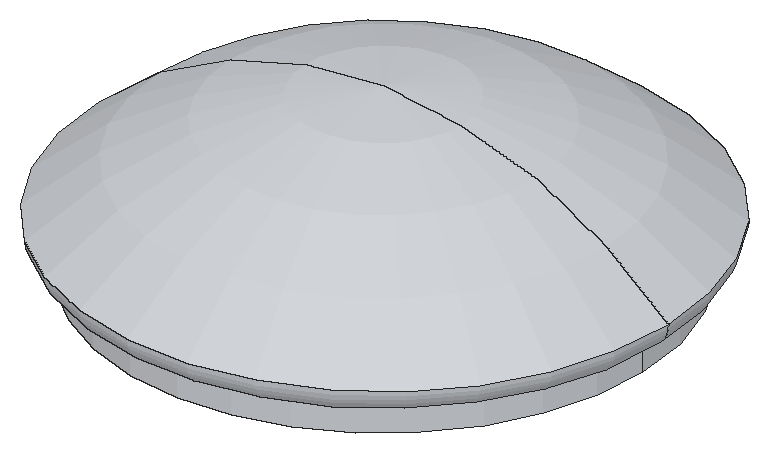
Revit family "0043435", category Lighting Fixtures, host Face, Revit 2017
Family settings
  Host = Face
  Round Connector Dimension = Use Diameter
  Part Type = Normal
  OmniClass Number = 23.80.70.00
  OmniClass Title = Lighting
  Cut with Voids When Loaded = No
  Light Source = Yes
  Shared = No
  Room Calculation Point = No
Parameters (values of type "0043435_3000K START eco Surface IP44 1550LM MW 830/840 DT")
  YIN_SENSOR_SYL = no
  YIN_360_SYL = no
  YIN_330_SYL = yes
  YIN_250_SYL = no
  YIN_180_SYL = no
  Weight = "3.42 kg"
  Wattage Comments = ""
  Wattage = 18 W
  WarrantyStartDate [instance] = "n/a"
  WarrantyGuarantorParts = "n/a"
  WarrantyDurationUnit = "n/a"
  WarrantyDurationParts = "n/a"
  WarrantyDescription = "n/a"
  built-in parameter 1150110 = 1 (stored number, unit not read)
  Voltage = 0 V
  URL = "http://www.sylvania-lighting.com"
  TypeName = "Start eco Surface IP44 1550lm MW 830/840 DualTone"
  Type Image = <None>
  Type Comments = "n/a"
  built-in parameter 1114217 = 1 (stored number, unit not read)
  Tilt Angle = -90.00°
  built-in parameter 1150109 = 1 (stored number, unit not read)
  built-in parameter 1150134 = (empty or 0)
  built-in parameter 1150113 = 1 (stored number, unit not read)
  SerialNumber [instance] = "n/a"
  SENSOR_SYL = 12 mm
  Photometric Web File = "0043435_3000K.ies"
  Material_3_SYL = none
  PowerFactor = 0
  PowerConsumption = "n/a"
  NominalLength = 330 mm
  NominalHeight = 96 mm
  NominalDepth = 330 mm
  Name = "Start eco Surface IP44 1550lm MW 830/840 DualTone"
  ModelReference = Name  # "Start eco Surface IP44 1550lm MW 830/840 DualTone"
  ModelNumber = "0043435"
  Model = Name  # "Start eco Surface IP44 1550lm MW 830/840 DualTone"
  Material = "steel housing, other diffuser"
  ManufacturerName = "Feilo Sylvania"
  Manufacturer = "Feilo Sylvania"
  LuminousEfficacy = "n/a"
  built-in parameter 1150105 = (empty or 0)
  Lumens = 0 lm
  LuminaireType = ""
  built-in parameter 1150115 = 1 (stored number, unit not read)
  LightOutputRatio = "n/a"
  built-in parameter 1150137 = (empty or 0)
  built-in parameter 1150139 = (empty or 0)
  LampsType = Lamp  # "LED"
  LampNominalLuminous = "1550 lm"
  LampMacAdamStep = "6"
  LampColourTemperature = "3000 K"
  LampColourRenderingIndex = "80"
  built-in parameter 1150112 = 1 (stored number, unit not read)
  built-in parameter 1150114 = 1 (stored number, unit not read)
  Lamp = "LED"
  LUM_R_SYL = if(YIN_180_SYL, 90 mm, if(YIN_250_SYL, 125 mm, if(YIN_330_SYL, 165 mm, if(YIN_360_SYL, 180 mm, 180 mm))))  # 165 mm
  LUM_R_HEIGHT_SYL = LUM_H_SYL - 30 mm  # 66 mm
  LUM_H_SYL = if(YIN_180_SYL, 75 mm, if(YIN_250_SYL, 80 mm, if(YIN_330_SYL, 96 mm, if(YIN_360_SYL, 100 mm, 100 mm))))  # 96 mm
  Keynote = "16500"
  InstallationDate [instance] = "n/a"
  InputVoltage = "n/a"
  InputNominalFrequency = "n/a"
  built-in parameter 1150132 = (empty or 0)
  built-in parameter 1150102 = (empty or 0)
  built-in parameter 1150107 = 3000 (stored number, unit not read)
  built-in parameter 1150138 = (empty or 0)
  IngressProtection = "IP44"
  ImpactProtectionIndex = "IK03"
  built-in parameter 1150106 = 1.0982 (stored number, unit not read)
  IfcExportType = "IfcLightFixtureType"
  IfcExportAs = "IfcLightFixtureType"
  Emit from Circle Diameter = 609.6 mm
  Emit Shape Visible in Rendering = no
  ElectricShockClassification = "Class I"
  built-in parameter 1150104 = (empty or 0)
  DocumentationLiterature = "http://www.sylvania-lighting.com/product/en-int/products/0043435"
  DimmingControlOptions = "n/a"
  Material_2_SYL = none
  Dimming Lamp Color Temperature Shift = <None>
  Description = ""
  Default Elevation = 1219.2 mm
  CreatedOn = "8/18/2020"
  CreatedBy = "@sylvania-lighting.com"
  Cost = 0
  Color Filter = 16777215
  built-in parameter 1114216 [instance] = (empty or 0)
  ClassificationValue = "EF_70_80"
  ClassificationName = "Uniclass2015"
  Material_1_SYL = none
  BarCode [instance] = "n/a"
  built-in parameter 1114218 = 1 (stored number, unit not read)
  BOTTOM_R_SYL = if(YIN_180_SYL, 76 mm, if(YIN_250_SYL, 110 mm, if(YIN_330_SYL, 150 mm, if(YIN_360_SYL, 150 mm, 150 mm))))  # 150 mm
  BOTTOM_HEIGHT_SYL = LUM_H_SYL - 15 mm  # 81 mm
  built-in parameter 1150133 = 10 (stored number, unit not read)
  AssetType = "Fixed"
  AssetIdentifier [instance] = "n/a"
  Assembly Code = "D5020200"
  Apparent Load = 0 VA
  Material_4_SYL = none
Types (16, lengths in mm): name | YIN_360_SYL | YIN_330_SYL | YIN_250_SYL | YIN_180_SYL | Weight | Wattage | TypeName | built-in parameter 1150134 | Photometric Web File | PowerFactor | PowerConsumption | NominalLength | NominalHeight | NominalDepth | Name | ModelReference | ModelNumber | Model | LuminousEfficacy | built-in parameter 1150105 | Lumens | LampNominalLuminous | LampColourTemperature | LUM_R_SYL | LUM_R_HEIGHT_SYL | LUM_H_SYL | built-in parameter 1150107 | built-in parameter 1150106 | built-in parameter 1150104 | DocumentationLiterature | BOTTOM_R_SYL | BOTTOM_HEIGHT_SYL | Apparent Load
  0043436_3000K START eco Surface IP44 2050LM MW 830/840 DT | yes | no | no | no | "3.42 kg" | 24 W | "Start eco Surface IP44 2050lm MW 830/840 DualTone" | (empty or 0) | "0043436_3000K.ies" | 0 | "n/a" | 360 | 100 | 360 | "Start eco Surface IP44 2050lm MW 830/840 DualTone" | "Start eco Surface IP44 2050lm MW 830/840 DualTone" | "0043436" | "Start eco Surface IP44 2050lm MW 830/840 DualTone" | "n/a" | (empty or 0) | 0 lm | "2050 lm" | "3000 K" | 180 | 70 | 100 | 3000 (stored number, unit not read) | 1.0982 (stored number, unit not read) | (empty or 0) | "http://www.sylvania-lighting.com/product/en-int/products/0043436" | 150 | 85 | 0 VA
  0043435_4000K START eco Surface IP44 1550LM MW 830/840 DT | no | yes | no | no | "3.42 kg" | 18 W | "Start eco Surface IP44 1550lm MW 830/840 DualTone" | 12 | "0043435_4000K.ies" | 0 | "n/a" | 330 | 96 | 330 | "Start eco Surface IP44 1550lm MW 830/840 DualTone" | "Start eco Surface IP44 1550lm MW 830/840 DualTone" | "0043435" | "Start eco Surface IP44 1550lm MW 830/840 DualTone" | "n/a" | (empty or 0) | 0 lm | "1550 lm" | "4000 K" | 165 | 66 | 96 | 4000 (stored number, unit not read) | 1.0982 (stored number, unit not read) | (empty or 0) | "http://www.sylvania-lighting.com/product/en-int/products/0043435" | 150 | 81 | 0 VA
  0043435_3000K START eco Surface IP44 1550LM MW 830/840 DT | no | yes | no | no | "3.42 kg" | 18 W | "Start eco Surface IP44 1550lm MW 830/840 DualTone" | (empty or 0) | "0043435_3000K.ies" | 0 | "n/a" | 330 | 96 | 330 | "Start eco Surface IP44 1550lm MW 830/840 DualTone" | "Start eco Surface IP44 1550lm MW 830/840 DualTone" | "0043435" | "Start eco Surface IP44 1550lm MW 830/840 DualTone" | "n/a" | (empty or 0) | 0 lm | "1550 lm" | "3000 K" | 165 | 66 | 96 | 3000 (stored number, unit not read) | 1.0982 (stored number, unit not read) | (empty or 0) | "http://www.sylvania-lighting.com/product/en-int/products/0043435" | 150 | 81 | 0 VA
  0043434_4000K START eco Surface IP44 2050LM DIM 30/840 DT | yes | no | no | no | "3.54 kg" | 24 W | "Start eco Surface IP44 2050lm DIM 830/840 DualTone" | 12 | "0043434_4000K.ies" | 0 | "n/a" | 360 | 100 | 360 | "Start eco Surface IP44 2050lm DIM 830/840 DualTone" | "Start eco Surface IP44 2050lm DIM 830/840 DualTone" | "0043434" | "Start eco Surface IP44 2050lm DIM 830/840 DualTone" | "n/a" | (empty or 0) | 0 lm | "2050 lm" | "4000 K" | 180 | 70 | 100 | 4000 (stored number, unit not read) | 1.0982 (stored number, unit not read) | (empty or 0) | "http://www.sylvania-lighting.com/product/en-int/products/0043434" | 150 | 85 | 0 VA
  0043434_3000K START eco Surface IP44 2050LM DIM 30/840 DT | yes | no | no | no | "3.54 kg" | 24 W | "Start eco Surface IP44 2050lm DIM 830/840 DualTone" | (empty or 0) | "0043434_3000K.ies" | 0 | "n/a" | 360 | 100 | 360 | "Start eco Surface IP44 2050lm DIM 830/840 DualTone" | "Start eco Surface IP44 2050lm DIM 830/840 DualTone" | "0043434" | "Start eco Surface IP44 2050lm DIM 830/840 DualTone" | "n/a" | (empty or 0) | 0 lm | "2050 lm" | "3000 K" | 180 | 70 | 100 | 3000 (stored number, unit not read) | 1.0982 (stored number, unit not read) | (empty or 0) | "http://www.sylvania-lighting.com/product/en-int/products/0043434" | 150 | 85 | 0 VA
  0043433_4000K START eco Surface IP44 1550LM DIM 830/840 DT | no | yes | no | no | "3.54 kg" | 18 W | "Start eco Surface IP44 1550lm DIM 830/840 DualTone" | 12 | "0043433_4000K.ies" | 0 | "n/a" | 330 | 96 | 330 | "Start eco Surface IP44 1550lm DIM 830/840 DualTone" | "Start eco Surface IP44 1550lm DIM 830/840 DualTone" | "0043433" | "Start eco Surface IP44 1550lm DIM 830/840 DualTone" | "n/a" | (empty or 0) | 0 lm | "1550 lm" | "4000 K" | 165 | 66 | 96 | 4000 (stored number, unit not read) | 1.0982 (stored number, unit not read) | (empty or 0) | "http://www.sylvania-lighting.com/product/en-int/products/0043433" | 150 | 81 | 0 VA
  0043433_3000K START eco Surface IP44 1550LM DIM 830/840 DT | no | yes | no | no | "3.54 kg" | 18 W | "Start eco Surface IP44 1550lm DIM 830/840 DualTone" | (empty or 0) | "0043433_3000K.ies" | 0 | "n/a" | 330 | 96 | 330 | "Start eco Surface IP44 1550lm DIM 830/840 DualTone" | "Start eco Surface IP44 1550lm DIM 830/840 DualTone" | "0043433" | "Start eco Surface IP44 1550lm DIM 830/840 DualTone" | "n/a" | (empty or 0) | 0 lm | "1550 lm" | "3000 K" | 165 | 66 | 96 | 3000 (stored number, unit not read) | 1.0982 (stored number, unit not read) | (empty or 0) | "http://www.sylvania-lighting.com/product/en-int/products/0043433" | 150 | 81 | 0 VA
  0043428_4000K START eco Surface IP44 2050LM 830/840 DT | yes | no | no | no | "3.12 kg" | 24 W | "Start eco Surface IP44 2050lm 830/840 DualTone" | 12 | "0043428_4000K.ies" | 0 | "n/a" | 360 | 100 | 360 | "Start eco Surface IP44 2050lm 830/840 DualTone" | "Start eco Surface IP44 2050lm 830/840 DualTone" | "0043428" | "Start eco Surface IP44 2050lm 830/840 DualTone" | "n/a" | (empty or 0) | 0 lm | "2050 lm" | "4000 K" | 180 | 70 | 100 | 4000 (stored number, unit not read) | 1.0982 (stored number, unit not read) | (empty or 0) | "http://www.sylvania-lighting.com/product/en-int/products/0043428" | 150 | 85 | 0 VA
  0043428_3000K START eco Surface IP44 2050LM 830/840 DT | yes | no | no | no | "3.12 kg" | 24 W | "Start eco Surface IP44 2050lm 830/840 DualTone" | (empty or 0) | "0043428_3000K.ies" | 0 | "n/a" | 360 | 100 | 360 | "Start eco Surface IP44 2050lm 830/840 DualTone" | "Start eco Surface IP44 2050lm 830/840 DualTone" | "0043428" | "Start eco Surface IP44 2050lm 830/840 DualTone" | "n/a" | (empty or 0) | 0 lm | "2050 lm" | "3000 K" | 180 | 70 | 100 | 3000 (stored number, unit not read) | 1.0982 (stored number, unit not read) | (empty or 0) | "http://www.sylvania-lighting.com/product/en-int/products/0043428" | 150 | 85 | 0 VA
  0043427_4000K START eco Surface IP44 1550LM 830/840 DT | no | yes | no | no | "3.12 kg" | 18 W | "Start eco Surface IP44 1550lm 830/840 DualTone" | 12 | "0043427_4000K.ies" | 0 | "n/a" | 330 | 96 | 330 | "Start eco Surface IP44 1550lm 830/840 DualTone" | "Start eco Surface IP44 1550lm 830/840 DualTone" | "0043427" | "Start eco Surface IP44 1550lm 830/840 DualTone" | "n/a" | (empty or 0) | 0 lm | "1550 lm" | "4000 K" | 165 | 66 | 96 | 4000 (stored number, unit not read) | 1.0982 (stored number, unit not read) | (empty or 0) | "http://www.sylvania-lighting.com/product/en-int/products/0043427" | 150 | 81 | 0 VA
  0043427_3000K START eco Surface IP44 1550LM 830/840 DT | no | yes | no | no | "3.12 kg" | 18 W | "Start eco Surface IP44 1550lm 830/840 DualTone" | (empty or 0) | "0043427_3000K.ies" | 0 | "n/a" | 330 | 96 | 330 | "Start eco Surface IP44 1550lm 830/840 DualTone" | "Start eco Surface IP44 1550lm 830/840 DualTone" | "0043427" | "Start eco Surface IP44 1550lm 830/840 DualTone" | "n/a" | (empty or 0) | 0 lm | "1550 lm" | "3000 K" | 165 | 66 | 96 | 3000 (stored number, unit not read) | 1.0982 (stored number, unit not read) | (empty or 0) | "http://www.sylvania-lighting.com/product/en-int/products/0043427" | 150 | 81 | 0 VA
  0043426_4000K START eco Surface IP44 1025LM 830/840 DT | no | no | yes | no | "1.5 kg" | 12 W | "Start eco Surface IP44 1025lm 830/840 DualTone" | 12 | "0043426_4000K.ies" | 0 | "n/a" | 250 | 80 | 250 | "Start eco Surface IP44 1025lm 830/840 DualTone" | "Start eco Surface IP44 1025lm 830/840 DualTone" | "0043426" | "Start eco Surface IP44 1025lm 830/840 DualTone" | "n/a" | (empty or 0) | 0 lm | "1025 lm" | "4000 K" | 125 | 50 | 80 | 4000 (stored number, unit not read) | 1.0982 (stored number, unit not read) | (empty or 0) | "http://www.sylvania-lighting.com/product/en-int/products/0043426" | 110 | 65 | 0 VA
  0043426_3000K START eco Surface IP44 1025LM 830/840 DT | no | no | yes | no | "1.5 kg" | 12 W | "Start eco Surface IP44 1025lm 830/840 DualTone" | (empty or 0) | "0043426_3000K.ies" | 0 | "n/a" | 250 | 80 | 250 | "Start eco Surface IP44 1025lm 830/840 DualTone" | "Start eco Surface IP44 1025lm 830/840 DualTone" | "0043426" | "Start eco Surface IP44 1025lm 830/840 DualTone" | "n/a" | (empty or 0) | 0 lm | "1025 lm" | "3000 K" | 125 | 50 | 80 | 3000 (stored number, unit not read) | 1.0982 (stored number, unit not read) | (empty or 0) | "http://www.sylvania-lighting.com/product/en-int/products/0043426" | 110 | 65 | 0 VA
  0043425_4000K START eco Surface IP44 520LM 830/840 DT | no | no | no | yes | "1.02 kg" | 6 W | "Start eco Surface IP44 520lm 830/840 DualTone" | 12 | "0043425_4000K.ies" | 0.8 | "6 W" | 180 | 75 | 180 | "Start eco Surface IP44 520lm 830/840 DualTone" | "Start eco Surface IP44 520lm 830/840 DualTone" | "0043425" | "Start eco Surface IP44 520lm 830/840 DualTone" | "85 lm/W" | 40.585 (stored number, unit not read) | 510 lm | "520 lm" | "4000 K" | 90 | 45 | 75 | 4000 (stored number, unit not read) | 0.40585 (stored number, unit not read) | 7.8968 (stored number, unit not read) | "http://www.sylvania-lighting.com/product/en-int/products/0043425" | 76 | 60 | 6 VA
  0043425_3000K START eco Surface IP44 520LM 830/840 DT | no | no | no | yes | "1.02 kg" | 6 W | "Start eco Surface IP44 520lm 830/840 DualTone" | (empty or 0) | "0043425_3000K.ies" | 0.8 | "6 W" | 180 | 75 | 180 | "Start eco Surface IP44 520lm 830/840 DualTone" | "Start eco Surface IP44 520lm 830/840 DualTone" | "0043425" | "Start eco Surface IP44 520lm 830/840 DualTone" | "85 lm/W" | 40.585 (stored number, unit not read) | 510 lm | "520 lm" | "3000 K" | 90 | 45 | 75 | 3000 (stored number, unit not read) | 0.40585 (stored number, unit not read) | 7.8968 (stored number, unit not read) | "http://www.sylvania-lighting.com/product/en-int/products/0043425" | 76 | 60 | 6 VA
  0043436_4000K START eco Surface IP44 2050LM MW 830/840 DT | yes | no | no | no | "3.42 kg" | 24 W | "Start eco Surface IP44 2050lm MW 830/840 DualTone" | 12 | "0043436_4000K.ies" | 0 | "n/a" | 360 | 100 | 360 | "Start eco Surface IP44 2050lm MW 830/840 DualTone" | "Start eco Surface IP44 2050lm MW 830/840 DualTone" | "0043436" | "Start eco Surface IP44 2050lm MW 830/840 DualTone" | "n/a" | (empty or 0) | 0 lm | "2050 lm" | "4000 K" | 180 | 70 | 100 | 4000 (stored number, unit not read) | 1.0982 (stored number, unit not read) | (empty or 0) | "http://www.sylvania-lighting.com/product/en-int/products/0043436" | 150 | 85 | 0 VA
Reference planes
  plane 1 "Center (Front/Back)": y = 0
  plane 2: z = 0
  plane 3 "Center (Left/Right)": x = 0
  plane 4: x = -150
  plane 5: x = -165
  plane 6: z = -96
  plane 7: z = -66
  plane 8: z = -81
  plane 9: z = 12
Forms (mm)
  Revolve 1, solid
    sketch origin (0, 0, 0) x (1, 0, 0) y (0, 0, 1)
      loop
        line (0, -96) -> (0, 0)
        arc (0, 0) -> (-88.728, -17.429) -> (-165, -66) r 243.775
        arc (-165, -66) -> (-160.54, -76.54) -> (-150, -81) r 15.235
        line (-150, -81) -> (-150, -96) -> (0, -96)
      axis (0, -96) -> (0, 0)
    angle from 360 to 0
Dimensions and locks
  "BOTTOM_R_SYL": plane 3 "Center (Left/Right)" to plane 4
  "LUM_R_SYL": plane 3 "Center (Left/Right)" to plane 5
  "BOTTOM_HEIGHT_SYL": host face to plane 8
  "LUM_R_HEIGHT_SYL": host face to plane 7
  "LUM_H_SYL": host face to plane 6
  "SENSOR_SYL": plane 9 to host face
  aligned and locked: plane 2 to host face
  aligned and locked: level to host face
  aligned and locked: Revolve 1 sketch curve to plane 6
  aligned and locked: plane 4 to Revolve 1 sketch curve
  aligned and locked: imposter light to Revolve 1 sketch curve
  aligned and locked: Revolve 1 sketch curve to imposter light
Automatic sketch dimensions
  host sketch curve to host sketch curve = 2438.4 mm  (x2)
  Revolve 1 sketch curve to plane 5 = 0 mm
  Revolve 1 sketch curve to plane 8 = 0 mm
  Revolve 1 sketch curve to plane 7 = 0 mm
  plane 4 to Revolve 1 sketch curve = 0.233 mm
  plane 3 "Center (Left/Right)" to Revolve 1 sketch curve = 1.807 mm
